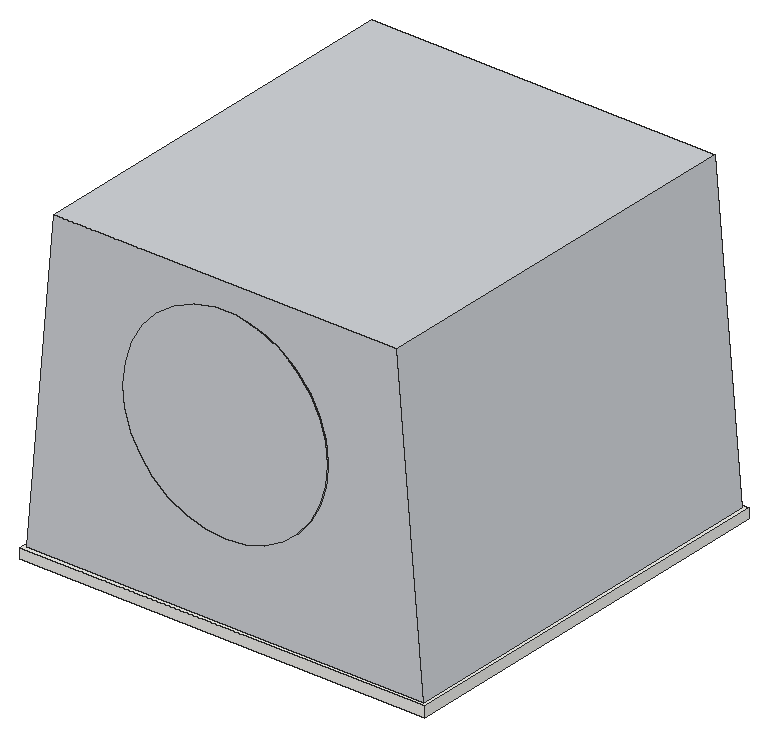
Revit family "MADEL_DIFFUSER_CONCAVE ELEMENTS_NEX-S+(BOXSTAR - BOXSTARS)– (1.D1)_0", category Air Terminals, Revit 2015
Parameters (values of type "NEX-S 400+BOXSTAR")
  n_factor [instance] = if(E = 395.0 mm, 34.332, if(E = 495.0 mm, 30.214, if(E = 595.0 mm, 31.971, if(E = 620.0 mm, 31.971, if(E = 670.0 mm, 31.971, 1)))))  # 34.332
  m_factor = 1.9099
  c_factor [instance] = if(E = 395.0 mm, -23.599, if(E = 495.0 mm, -8.6761, if(E = 595.0 mm, -8.3332, if(E = 620.0 mm, -8.3332, if(E = 670.0 mm, -8.3332, 1)))))  # -23.599
  b_factor = -3.4583
  V675 = if(E = 670.0 mm, 1 = 1, 1 = 0)  # no
  V600 = if(E = 595.0 mm, 1 = 1, 1 = 0)  # no
  V500 = if(E = 495.0 mm, 1 = 1, 1 = 0)  # no
  V400 = if(E = 395.0 mm, 1 = 1, 1 = 0)  # yes
  V625 = if(E = 620.0 mm, 1 = 1, 1 = 0)  # no
  T24 [instance] = no
  T15 [instance] = yes
  Standard = "UNE 23-727 M2/ NFP 92-501 M2/ DIN 4102 M2"  # constant formula
  Revit Version = "Revit 2015 - English"  # constant formula
  Review Date = "11/2016"  # constant formula
  Plenum Box = Plenum_BOXSTAR-BOXSTARS (1.D1) : 400
  Nº Plenum Connections = 1  # constant formula
  Lw (dB(A)) [instance] = n_factor * (log([V[m/s]]) / log(2.7183)) + c_factor  # 25.6703
  Diffuser grill = (R) NEX-S : 400
  R9010 [instance] = no
  R [instance] = yes
  Q [instance] = 303.912 m³/h
  Product Type [instance] = Model  # "NEX-S 400+BOXSTAR"
  Product Size = "dim.400"
  Product Reference [instance] = if(BOXSTAR, if(AIS, if(R, if(Nº Options = 4, if(T15, "NEX-S/T15+BOXSTAR-AIS-R", if(T24, "NEX-S/T24+BOXSTAR-AIS-R", "Consult Manufacturer")), if(Nº Options = 3, "NEX-S+BOXSTAR-AIS-R", "Consult Manufacturer")), if(Nº Options = 3, if(T15, "NEX-S/T15+BOXSTAR-AIS", if(T24, "NEX-S/T24+BOXSTAR-AIS", "Consult Manufacturer")), if(Nº Options = 2, "NEX-S+BOXSTAR-AIS", "Consult Manufacturer"))), if(R, if(Nº Options = 3, if(T15, "NEX-S/T15+BOXSTAR-R", if(T24, "NEX-S/T24+BOXSTAR-R", "Consult Manufacturer")), if(Nº Options = 2, "NEX-S+BOXSTAR-R", "Consult Manufacturer")), if(Nº Options = 2, if(T15, "NEX-S/T15+BOXSTAR", if(T24, "NEX-S/T24+BOXSTAR", "Consult Manufacturer")), if(Nº Options = 1, "NEX-S+BOXSTAR", "Consult Manufacturer")))), if([BOXSTAR/S], if(AIS, if(R, if(Nº Options = 4, if(T15, "NEX-S/T15+BOXSTAR/S-AIS-R", if(T24, "NEX-S/T24+BOXSTAR/S-AIS-R", "Consult Manufacturer")), if(Nº Options = 3, "NEX-S+BOXSTAR/S-AIS-R", "Consult Manufacturer")), if(Nº Options = 3, if(T15, "NEX-S/T15+BOXSTAR/S-AIS", if(T24, "NEX-S/T24+BOXSTAR/S-AIS", "Consult Manufacturer")), if(Nº Options = 2, "NEX-S+BOXSTAR/S-AIS", "Consult Manufacturer"))), if(R, if(Nº Options = 3, if(T15, "NEX-S/T15+BOXSTAR/S-R", if(T24, "NEX-S/T24+BOXSTAR/S-R", "Consult Manufacturer")), if(Nº Options = 2, "NEX-S+BOXSTAR/S-R", "Consult Manufacturer")), if(Nº Options = 2, if(T15, "NEX-S/T15+BOXSTAR/S", if(T24, "NEX-S/T24+BOXSTAR/S", "Consult Manufacturer")), if(Nº Options = 1, "NEX-S+BOXSTAR/S", "Consult Manufacturer")))), "Consult Manufacturer"))  # "NEX-S/T15+BOXSTAR-AIS-R"
  Plenum Connection Type [instance] = if(BOXSTAR, "Lateral", if([BOXSTAR/S], "Upper", "Without plenum box"))  # "Lateral"
  Nº Options [instance] = if(BOXSTAR, 1, 0) + if([BOXSTAR/S], 1, 0) + if(R, 1, 0) + if(AIS, 1, 0) + if(T15, 1, 0) + if(T24, 1, 0)  # 4
  Nº Finishes [instance] = if(EL, 1, 0) + if(EB, 1, 0) + if(EV, 1, 0) + if(ER, 1, 0) + if(M9016, 1, 0) + if(R9010, 1, 0)  # 1
  Vmin = 2.5 m/s  # constant formula
  Vmed = (Vmax + Vmin) / 2  # 4.2 m/s
  Vmax = if(E = 395.0 mm, 5.9 m/s, if(E = 495.0 mm, 5.6 m/s, if(E = 595.0 mm, 5.4 m/s, if(E = 620.0 mm, 5.4 m/s, if(E = 670.0 mm, 5.4 m/s, 1.0 m/s)))))  # 5.9 m/s
  V[m/s] [instance] = Q / Afree / 1.0 m/s  # 4.2
  URL = "http://www.madel.com/en/producto/nex-concave-elements-diffusers/"
  RAL [instance] = ""
  Model = "NEX-S 400+BOXSTAR"
  Material and finishes [instance] = if(Nº Finishes = 2, if(M9016, if(EB, "M9016/EB", if(EL, "M9016/EL", if(EV, "M9016/EV", if(ER, "M9016/ER", "Consult Manufacturer")))), if(R9010, if(EB, "R9010/EB", if(EL, "R9010/EL", if(EV, "R9010/EV", if(ER, "R9010/ER", "Consult Manufacturer")))), "Consult Manufacturer")), if(Nº Finishes = 1, if(M9016, "M9016", if(R9010, "R9010", "Consult Manufacturer")), if(Nº Finishes = 0, "Custom RAL", "Consult Manufacturer")))  # "M9016"
  Material Plenum Box = none
  Material Difusser = MADEL_M9016
  Material Blades = MADEL_EN
  M9016 [instance] = yes
  Type Image = <None>
  IfcExportType = "IfcAirTerminalType"  # constant formula
  IfcExportAs = "IfcAirTerminalType"  # constant formula
  Min Flow = Vmin * Afree  # 180.9 m³/h
  Max Flow = Vmax * Afree  # 426.924 m³/h
  Manufacturer = "MADEL"  # constant formula
  Family Version = "1.0"  # constant formula
  EV [instance] = no
  ER [instance] = no
  EL [instance] = no
  EB [instance] = no
  E = 395.0 mm
  Description = "MADEL_Concave elements diffusers"  # constant formula
  D_Connector = 200.0 mm
  DPt [instance] = (10 ^ (log(Q / 1 m³/h) * m_factor + b_factor)) * 1.0 Pa  # 19.2133 Pa
  D1 = D_Connector - 2.0 mm  # 198.0 mm
  D = E - 20.0 mm  # 375.0 mm
  Type Comments = "The NEX swirl diffusers are designed to be applied in air conditioning ventilation and heating systems. They can be mounted in false ceilings or suspended from ceiling. The design of their concave elements and its radial arrangement in the diffuser cause a swirl air supply with a coanda effect, which provides a high level of induction rate of the air in the atmosphere and reducing the stratification. Concave elements emit a uniform air flow all over the passage section. The NEX series diffusers admit a flow variation of 60% keeping the air stream stable. These diffusers can be used from 2,6 up to 4 meters high and at a temperature differential up to 12º C."  # constant formula
  Created by = "BIMETRICAL"  # constant formula
  BOXSTAR/S = if(BOXSTAR, 1 = 0, 1 = 1)  # no
  BOXSTAR = yes
  BIMETRICAL Category = "AirTerminal"  # constant formula
  BIMETRICAL = "http://www.bimetrical.com"  # constant formula
  Afree = if(E = 395.0 mm, 0.0201 m², if(E = 495.0 mm, 0.0290 m², if(E = 595.0 mm, 0.0440 m², if(E = 620.0 mm, 0.0440 m², if(E = 670.0 mm, 0.0440 m², 1.0000 m²)))))  # 0.0201 m²
  AIS [instance] = yes
  A = 376.0 mm
Reference planes
  plane 1 "Centro (Frontal/Posterior)": z = 0
  plane 2: y = 435
  plane 3 "Centro (Izquierda/Derecha)": x = 0
  plane 4: x = -197.5
  plane 5: x = 197.5
  plane 6: y = 237.5
  plane 7: y = 632.5
  plane 8: z = -10
  plane 9: z = 14
Forms (mm)
  Extrusion 1, solid, material "MADEL_M9016" <- "Material Difusser", detail levels coarse
    sketch origin (0, -1220, 0) x (1, 0, 0) y (0, 1, 0)
      loop
        line (-197.5, 1457.5) -> (197.5, 1457.5) -> (197.5, 1852.5) -> (-197.5, 1852.5) -> (-197.5, 1457.5)
    from -10 to 0
  Extrusion 2, solid, material "MADEL_M9016" <- "Material Difusser", detail levels coarse
    sketch origin (0, 0, 0) x (1, 0, 0) y (0, 1, 0)
      loop
        circle (0, 435) r 187.5
    from 0 to 14
Lines and regions (mm)
  symbolic lines, style "DuctTerminal", visible <- "V400"
    curve 1: line (-197.5, 632.5, 0) -> (197.5, 632.5, 0)
    curve 2: line (-197.5, 237.5, 0) -> (-197.5, 632.5, 0)
    curve 3: line (197.5, 237.5, 0) -> (-197.5, 237.5, 0)
    curve 4: line (197.5, 632.5, 0) -> (197.5, 237.5, 0)
    curve 489: arc (-160.828, 402.165, 0) -> (-136.906, 433.223, 0) -> (-102.684, 414.097, 0) r 30
    curve 490: arc (-74.962, 379.692, 0) -> (-66.339, 417.935, 0) -> (-27.247, 414.996, 0) r 30
    curve 491: arc (-164.855, 342.349, 0) -> (-151.637, 379.256, 0) -> (-113.194, 371.574, 0) r 30
    curve 492: arc (-8.732, 328.058, 0) -> (-32.471, 359.878, 0) -> (-3.851, 387.391, 0) r 30
    curve 493: arc (-87.953, 314.767, 0) -> (-91.229, 353.833, 0) -> (-53.062, 362.785, 0) r 30
    curve 494: arc (-148.41, 266.999, 0) -> (-149.159, 306.195, 0) -> (-110.494, 312.666, 0) r 30
    curve 495: arc (-43.135, 265.614, 0) -> (-60.562, 300.73, 0) -> (-28.371, 323.104, 0) r 30
    curve 496: arc (-32.835, 595.828, 0) -> (-1.777, 571.906, 0) -> (-20.903, 537.684, 0) r 30
    curve 497: arc (-55.308, 509.962, 0) -> (-17.065, 501.339, 0) -> (-20.004, 462.247, 0) r 30
    curve 498: arc (-92.651, 599.855, 0) -> (-55.744, 586.637, 0) -> (-63.426, 548.194, 0) r 30
    curve 499: arc (-105.453, 443.609, 0) -> (-73.775, 466.704, 0) -> (-46.297, 438.743, 0) r 30
    curve 500: arc (-120.233, 522.953, 0) -> (-81.167, 526.229, 0) -> (-72.215, 488.062, 0) r 30
    curve 501: arc (-168.001, 583.41, 0) -> (-128.805, 584.159, 0) -> (-122.334, 545.494, 0) r 30
    curve 502: arc (-169.386, 478.135, 0) -> (-134.27, 495.562, 0) -> (-111.896, 463.371, 0) r 30
    curve 503: arc (160.828, 467.835, 0) -> (136.906, 436.777, 0) -> (102.684, 455.903, 0) r 30
    curve 504: arc (74.962, 490.308, 0) -> (66.339, 452.065, 0) -> (27.247, 455.004, 0) r 30
    curve 505: arc (164.855, 527.651, 0) -> (151.637, 490.744, 0) -> (113.194, 498.426, 0) r 30
    curve 506: arc (8.609, 540.453, 0) -> (31.704, 508.775, 0) -> (3.743, 481.297, 0) r 30
    curve 507: arc (87.953, 555.233, 0) -> (91.229, 516.167, 0) -> (53.062, 507.215, 0) r 30
    curve 508: arc (148.41, 603.001, 0) -> (149.159, 563.805, 0) -> (110.494, 557.334, 0) r 30
    curve 509: arc (43.135, 604.386, 0) -> (60.562, 569.27, 0) -> (28.371, 546.896, 0) r 30
    curve 510: arc (32.835, 274.172, 0) -> (1.777, 298.094, 0) -> (20.903, 332.316, 0) r 30
    curve 511: arc (55.308, 360.038, 0) -> (17.065, 368.661, 0) -> (20.004, 407.753, 0) r 30
    curve 512: arc (92.651, 270.145, 0) -> (55.744, 283.363, 0) -> (63.426, 321.806, 0) r 30
    curve 513: arc (105.453, 426.391, 0) -> (73.775, 403.296, 0) -> (46.297, 431.257, 0) r 30
    curve 514: arc (120.233, 347.047, 0) -> (81.167, 343.771, 0) -> (72.215, 381.938, 0) r 30
    curve 515: arc (168.001, 286.59, 0) -> (128.805, 285.841, 0) -> (122.334, 324.506, 0) r 30
    curve 516: arc (169.386, 391.865, 0) -> (134.27, 374.438, 0) -> (111.896, 406.629, 0) r 30
    curve 517: line (-102.684, 414.097, 0) -> (-160.828, 402.165, 0)
    curve 518: line (-27.247, 414.996, 0) -> (-74.962, 379.692, 0)
    curve 519: line (-113.194, 371.574, 0) -> (-164.855, 342.349, 0)
    curve 520: line (-3.851, 387.391, 0) -> (-8.732, 328.058, 0)
    curve 521: line (-53.062, 362.785, 0) -> (-87.953, 314.767, 0)
    curve 522: line (-110.494, 312.666, 0) -> (-148.41, 266.999, 0)
    curve 523: line (-28.371, 323.104, 0) -> (-43.135, 265.614, 0)
    curve 524: line (-20.903, 537.684, 0) -> (-32.835, 595.828, 0)
    curve 525: line (-20.004, 462.247, 0) -> (-55.308, 509.962, 0)
    curve 526: line (-63.426, 548.194, 0) -> (-92.651, 599.855, 0)
    curve 527: line (-46.297, 438.743, 0) -> (-105.453, 443.609, 0)
    curve 528: line (-72.215, 488.062, 0) -> (-120.233, 522.953, 0)
    curve 529: line (-122.334, 545.494, 0) -> (-168.001, 583.41, 0)
    curve 530: line (-111.896, 463.371, 0) -> (-169.386, 478.135, 0)
    curve 531: line (102.684, 455.903, 0) -> (160.828, 467.835, 0)
    curve 532: line (27.247, 455.004, 0) -> (74.962, 490.308, 0)
    curve 533: line (113.194, 498.426, 0) -> (164.855, 527.651, 0)
    curve 534: line (3.743, 481.297, 0) -> (8.609, 540.453, 0)
    curve 535: line (53.062, 507.215, 0) -> (87.953, 555.233, 0)
    curve 536: line (110.494, 557.334, 0) -> (148.41, 603.001, 0)
    curve 537: line (28.371, 546.896, 0) -> (43.135, 604.386, 0)
    curve 538: line (20.903, 332.316, 0) -> (32.835, 274.172, 0)
    curve 539: line (20.004, 407.753, 0) -> (55.308, 360.038, 0)
    curve 540: line (63.426, 321.806, 0) -> (92.651, 270.145, 0)
    curve 541: line (46.297, 431.257, 0) -> (105.453, 426.391, 0)
    curve 542: line (72.215, 381.938, 0) -> (120.233, 347.047, 0)
    curve 543: line (122.334, 324.506, 0) -> (168.001, 286.59, 0)
    curve 544: line (111.896, 406.629, 0) -> (169.386, 391.865, 0)
  symbolic lines, style "DuctTerminal", visible <- "V400", not visible
    curve 5: line (-197.5, 632.5, 0) -> (197.5, 632.5, 0)
    curve 6: line (-197.5, 237.5, 0) -> (-197.5, 632.5, 0)
    curve 7: line (197.5, 237.5, 0) -> (-197.5, 237.5, 0)
    curve 8: line (197.5, 632.5, 0) -> (197.5, 237.5, 0)
    curve 545: arc (-160.828, 402.165, 0) -> (-136.906, 433.223, 0) -> (-102.684, 414.097, 0) r 30
    curve 546: arc (-74.962, 379.692, 0) -> (-66.339, 417.935, 0) -> (-27.247, 414.996, 0) r 30
    curve 547: arc (-164.855, 342.349, 0) -> (-151.637, 379.256, 0) -> (-113.194, 371.574, 0) r 30
    curve 548: arc (-8.732, 328.058, 0) -> (-32.471, 359.878, 0) -> (-3.851, 387.391, 0) r 30
    curve 549: arc (-87.953, 314.767, 0) -> (-91.229, 353.833, 0) -> (-53.062, 362.785, 0) r 30
    curve 550: arc (-148.41, 266.999, 0) -> (-149.159, 306.195, 0) -> (-110.494, 312.666, 0) r 30
    curve 551: arc (-43.135, 265.614, 0) -> (-60.562, 300.73, 0) -> (-28.371, 323.104, 0) r 30
    curve 552: arc (-32.835, 595.828, 0) -> (-1.777, 571.906, 0) -> (-20.903, 537.684, 0) r 30
    curve 553: arc (-55.308, 509.962, 0) -> (-17.065, 501.339, 0) -> (-20.004, 462.247, 0) r 30
    curve 554: arc (-92.651, 599.855, 0) -> (-55.744, 586.637, 0) -> (-63.426, 548.194, 0) r 30
    curve 555: arc (-105.453, 443.609, 0) -> (-73.775, 466.704, 0) -> (-46.297, 438.743, 0) r 30
    curve 556: arc (-120.233, 522.953, 0) -> (-81.167, 526.229, 0) -> (-72.215, 488.062, 0) r 30
    curve 557: arc (-168.001, 583.41, 0) -> (-128.805, 584.159, 0) -> (-122.334, 545.494, 0) r 30
    curve 558: arc (-169.386, 478.135, 0) -> (-134.27, 495.562, 0) -> (-111.896, 463.371, 0) r 30
    curve 559: arc (160.828, 467.835, 0) -> (136.906, 436.777, 0) -> (102.684, 455.903, 0) r 30
    curve 560: arc (74.962, 490.308, 0) -> (66.339, 452.065, 0) -> (27.247, 455.004, 0) r 30
    curve 561: arc (164.855, 527.651, 0) -> (151.637, 490.744, 0) -> (113.194, 498.426, 0) r 30
    curve 562: arc (8.609, 540.453, 0) -> (31.704, 508.775, 0) -> (3.743, 481.297, 0) r 30
    curve 563: arc (87.953, 555.233, 0) -> (91.229, 516.167, 0) -> (53.062, 507.215, 0) r 30
    curve 564: arc (148.41, 603.001, 0) -> (149.159, 563.805, 0) -> (110.494, 557.334, 0) r 30
    curve 565: arc (43.135, 604.386, 0) -> (60.562, 569.27, 0) -> (28.371, 546.896, 0) r 30
    curve 566: arc (32.835, 274.172, 0) -> (1.777, 298.094, 0) -> (20.903, 332.316, 0) r 30
    curve 567: arc (55.308, 360.038, 0) -> (17.065, 368.661, 0) -> (20.004, 407.753, 0) r 30
    curve 568: arc (92.651, 270.145, 0) -> (55.744, 283.363, 0) -> (63.426, 321.806, 0) r 30
    curve 569: arc (105.453, 426.391, 0) -> (73.775, 403.296, 0) -> (46.297, 431.257, 0) r 30
    curve 570: arc (120.233, 347.047, 0) -> (81.167, 343.771, 0) -> (72.215, 381.938, 0) r 30
    curve 571: arc (168.001, 286.59, 0) -> (128.805, 285.841, 0) -> (122.334, 324.506, 0) r 30
    curve 572: arc (169.386, 391.865, 0) -> (134.27, 374.438, 0) -> (111.896, 406.629, 0) r 30
    curve 573: line (-102.684, 414.097, 0) -> (-160.828, 402.165, 0)
    curve 574: line (-27.247, 414.996, 0) -> (-74.962, 379.692, 0)
    curve 575: line (-113.194, 371.574, 0) -> (-164.855, 342.349, 0)
    curve 576: line (-3.851, 387.391, 0) -> (-8.732, 328.058, 0)
    curve 577: line (-53.062, 362.785, 0) -> (-87.953, 314.767, 0)
    curve 578: line (-110.494, 312.666, 0) -> (-148.41, 266.999, 0)
    curve 579: line (-28.371, 323.104, 0) -> (-43.135, 265.614, 0)
    curve 580: line (-20.903, 537.684, 0) -> (-32.835, 595.828, 0)
    curve 581: line (-20.004, 462.247, 0) -> (-55.308, 509.962, 0)
    curve 582: line (-63.426, 548.194, 0) -> (-92.651, 599.855, 0)
    curve 583: line (-46.297, 438.743, 0) -> (-105.453, 443.609, 0)
    curve 584: line (-72.215, 488.062, 0) -> (-120.233, 522.953, 0)
    curve 585: line (-122.334, 545.494, 0) -> (-168.001, 583.41, 0)
    curve 586: line (-111.896, 463.371, 0) -> (-169.386, 478.135, 0)
    curve 587: line (102.684, 455.903, 0) -> (160.828, 467.835, 0)
    curve 588: line (27.247, 455.004, 0) -> (74.962, 490.308, 0)
    curve 589: line (113.194, 498.426, 0) -> (164.855, 527.651, 0)
    curve 590: line (3.743, 481.297, 0) -> (8.609, 540.453, 0)
    curve 591: line (53.062, 507.215, 0) -> (87.953, 555.233, 0)
    curve 592: line (110.494, 557.334, 0) -> (148.41, 603.001, 0)
    curve 593: line (28.371, 546.896, 0) -> (43.135, 604.386, 0)
    curve 594: line (20.903, 332.316, 0) -> (32.835, 274.172, 0)
    curve 595: line (20.004, 407.753, 0) -> (55.308, 360.038, 0)
    curve 596: line (63.426, 321.806, 0) -> (92.651, 270.145, 0)
    curve 597: line (46.297, 431.257, 0) -> (105.453, 426.391, 0)
    curve 598: line (72.215, 381.938, 0) -> (120.233, 347.047, 0)
    curve 599: line (122.334, 324.506, 0) -> (168.001, 286.59, 0)
    curve 600: line (111.896, 406.629, 0) -> (169.386, 391.865, 0)
  symbolic lines, style "DuctTerminal", visible <- "V500"
    curve 9: line (-247.5, 682.5, 0) -> (247.5, 682.5, 0)
    curve 10: line (-247.5, 187.5, 0) -> (-247.5, 682.5, 0)
    curve 11: line (247.5, 187.5, 0) -> (-247.5, 187.5, 0)
    curve 12: line (247.5, 682.5, 0) -> (247.5, 187.5, 0)
    curve 377: arc (-45.42, 350.498, 0) -> (-53.567, 388.844, 0) -> (-16.823, 402.51, 0) r 30
    curve 378: arc (-222.553, 399.806, 0) -> (-197.667, 430.097, 0) -> (-164.063, 409.906, 0) r 30
    curve 379: arc (-191.584, 277.242, 0) -> (-185.177, 315.917, 0) -> (-145.98, 315.233, 0) r 30
    curve 380: arc (-179.211, 213.386, 0) -> (-180.506, 252.568, 0) -> (-141.935, 259.577, 0) r 30
    curve 381: arc (-21.986, 238.536, 0) -> (-44.243, 270.807, 0) -> (-15.572, 297.543, 0) r 30
    curve 382: arc (-168.191, 336.485, 0) -> (-140.165, 417.167, 0) -> (-56.064, 402.27, 0) r 65.83
    curve 383: arc (-79.556, 214.746, 0) -> (-109.67, 294.671, 0) -> (-35.521, 337.06, 0) r 65.83
    curve 384: arc (-84.502, 480.42, 0) -> (-46.156, 488.567, 0) -> (-32.49, 451.823, 0) r 30
    curve 385: arc (-35.194, 657.553, 0) -> (-4.903, 632.667, 0) -> (-25.094, 599.063, 0) r 30
    curve 386: arc (-157.758, 626.584, 0) -> (-119.083, 620.177, 0) -> (-119.767, 580.98, 0) r 30
    curve 387: arc (-221.614, 614.211, 0) -> (-182.432, 615.506, 0) -> (-175.423, 576.935, 0) r 30
    curve 388: arc (-196.464, 456.986, 0) -> (-164.193, 479.243, 0) -> (-137.457, 450.572, 0) r 30
    curve 389: arc (-98.515, 603.191, 0) -> (-17.833, 575.165, 0) -> (-32.73, 491.064, 0) r 65.83
    curve 390: arc (-220.254, 514.556, 0) -> (-140.329, 544.67, 0) -> (-97.94, 470.521, 0) r 65.83
    curve 391: arc (45.42, 519.502, 0) -> (53.567, 481.156, 0) -> (16.823, 467.49, 0) r 30
    curve 392: arc (222.553, 470.194, 0) -> (197.667, 439.903, 0) -> (164.063, 460.094, 0) r 30
    curve 393: arc (191.584, 592.758, 0) -> (185.177, 554.083, 0) -> (145.98, 554.767, 0) r 30
    curve 394: arc (179.211, 656.614, 0) -> (180.506, 617.432, 0) -> (141.935, 610.423, 0) r 30
    curve 395: arc (21.986, 631.464, 0) -> (44.243, 599.193, 0) -> (15.572, 572.457, 0) r 30
    curve 396: arc (168.191, 533.515, 0) -> (140.165, 452.833, 0) -> (56.064, 467.73, 0) r 65.83
    curve 397: arc (79.556, 655.254, 0) -> (109.67, 575.329, 0) -> (35.521, 532.94, 0) r 65.83
    curve 398: arc (84.502, 389.58, 0) -> (46.156, 381.433, 0) -> (32.49, 418.177, 0) r 30
    curve 399: arc (35.194, 212.447, 0) -> (4.903, 237.333, 0) -> (25.094, 270.937, 0) r 30
    curve 400: arc (157.758, 243.416, 0) -> (119.083, 249.823, 0) -> (119.767, 289.02, 0) r 30
    curve 401: arc (221.614, 255.789, 0) -> (182.432, 254.494, 0) -> (175.423, 293.065, 0) r 30
    curve 402: arc (196.464, 413.014, 0) -> (164.193, 390.757, 0) -> (137.457, 419.428, 0) r 30
    curve 403: arc (98.515, 266.809, 0) -> (17.833, 294.835, 0) -> (32.73, 378.936, 0) r 65.83
    curve 404: line (-16.823, 402.51, 0) -> (-45.42, 350.498, 0)
    curve 405: line (-164.063, 409.906, 0) -> (-222.553, 399.806, 0)
    curve 406: line (-145.98, 315.233, 0) -> (-191.584, 277.242, 0)
    curve 407: line (-141.935, 259.577, 0) -> (-179.211, 213.386, 0)
    curve 408: line (-15.572, 297.543, 0) -> (-21.986, 238.536, 0)
    curve 409: line (-56.064, 402.27, 0) -> (-168.191, 336.485, 0)
    curve 410: line (-35.521, 337.06, 0) -> (-79.556, 214.746, 0)
    curve 411: line (-32.49, 451.823, 0) -> (-84.502, 480.42, 0)
    curve 412: line (-25.094, 599.063, 0) -> (-35.194, 657.553, 0)
    curve 413: line (-119.767, 580.98, 0) -> (-157.758, 626.584, 0)
    curve 414: line (-175.423, 576.935, 0) -> (-221.614, 614.211, 0)
    curve 415: line (-137.457, 450.572, 0) -> (-196.464, 456.986, 0)
    curve 416: line (-32.73, 491.064, 0) -> (-98.515, 603.191, 0)
    curve 417: line (-97.94, 470.521, 0) -> (-220.254, 514.556, 0)
    curve 418: line (16.823, 467.49, 0) -> (45.42, 519.502, 0)
    curve 419: line (164.063, 460.094, 0) -> (222.553, 470.194, 0)
    curve 420: line (145.98, 554.767, 0) -> (191.584, 592.758, 0)
    curve 421: line (141.935, 610.423, 0) -> (179.211, 656.614, 0)
    curve 422: line (15.572, 572.457, 0) -> (21.986, 631.464, 0)
    curve 423: line (56.064, 467.73, 0) -> (168.191, 533.515, 0)
    curve 424: line (35.521, 532.94, 0) -> (79.556, 655.254, 0)
    curve 425: line (32.49, 418.177, 0) -> (84.502, 389.58, 0)
    curve 426: line (25.094, 270.937, 0) -> (35.194, 212.447, 0)
    curve 427: line (119.767, 289.02, 0) -> (157.758, 243.416, 0)
    curve 428: line (175.423, 293.065, 0) -> (221.614, 255.789, 0)
    curve 429: line (137.457, 419.428, 0) -> (196.464, 413.014, 0)
    curve 430: line (32.73, 378.936, 0) -> (98.515, 266.809, 0)
    curve 431: line (97.94, 399.479, 0) -> (220.254, 355.444, 0)
    curve 432: arc (220.254, 355.444, 0) -> (140.329, 325.33, 0) -> (97.94, 399.479, 0) r 65.83
  symbolic lines, style "DuctTerminal", visible <- "V500", not visible
    curve 13: line (-247.5, 682.5, 0) -> (247.5, 682.5, 0)
    curve 14: line (-247.5, 187.5, 0) -> (-247.5, 682.5, 0)
    curve 15: line (247.5, 187.5, 0) -> (-247.5, 187.5, 0)
    curve 16: line (247.5, 682.5, 0) -> (247.5, 187.5, 0)
    curve 433: arc (-45.42, 350.498, 0) -> (-53.567, 388.844, 0) -> (-16.823, 402.51, 0) r 30
    curve 434: arc (-222.553, 399.806, 0) -> (-197.667, 430.097, 0) -> (-164.063, 409.906, 0) r 30
    curve 435: arc (-191.584, 277.242, 0) -> (-185.177, 315.917, 0) -> (-145.98, 315.233, 0) r 30
    curve 436: arc (-179.211, 213.386, 0) -> (-180.506, 252.568, 0) -> (-141.935, 259.577, 0) r 30
    curve 437: arc (-21.986, 238.536, 0) -> (-44.243, 270.807, 0) -> (-15.572, 297.543, 0) r 30
    curve 438: arc (-168.191, 336.485, 0) -> (-140.165, 417.167, 0) -> (-56.064, 402.27, 0) r 65.83
    curve 439: arc (-79.556, 214.746, 0) -> (-109.67, 294.671, 0) -> (-35.521, 337.06, 0) r 65.83
    curve 440: arc (-84.502, 480.42, 0) -> (-46.156, 488.567, 0) -> (-32.49, 451.823, 0) r 30
    curve 441: arc (-35.194, 657.553, 0) -> (-4.903, 632.667, 0) -> (-25.094, 599.063, 0) r 30
    curve 442: arc (-157.758, 626.584, 0) -> (-119.083, 620.177, 0) -> (-119.767, 580.98, 0) r 30
    curve 443: arc (-221.614, 614.211, 0) -> (-182.432, 615.506, 0) -> (-175.423, 576.935, 0) r 30
    curve 444: arc (-196.464, 456.986, 0) -> (-164.193, 479.243, 0) -> (-137.457, 450.572, 0) r 30
    curve 445: arc (-98.515, 603.191, 0) -> (-17.833, 575.165, 0) -> (-32.73, 491.064, 0) r 65.83
    curve 446: arc (-220.254, 514.556, 0) -> (-140.329, 544.67, 0) -> (-97.94, 470.521, 0) r 65.83
    curve 447: arc (45.42, 519.502, 0) -> (53.567, 481.156, 0) -> (16.823, 467.49, 0) r 30
    curve 448: arc (222.553, 470.194, 0) -> (197.667, 439.903, 0) -> (164.063, 460.094, 0) r 30
    curve 449: arc (191.584, 592.758, 0) -> (185.177, 554.083, 0) -> (145.98, 554.767, 0) r 30
    curve 450: arc (179.211, 656.614, 0) -> (180.506, 617.432, 0) -> (141.935, 610.423, 0) r 30
    curve 451: arc (21.986, 631.464, 0) -> (44.243, 599.193, 0) -> (15.572, 572.457, 0) r 30
    curve 452: arc (168.191, 533.515, 0) -> (140.165, 452.833, 0) -> (56.064, 467.73, 0) r 65.83
    curve 453: arc (79.556, 655.254, 0) -> (109.67, 575.329, 0) -> (35.521, 532.94, 0) r 65.83
    curve 454: arc (84.502, 389.58, 0) -> (46.156, 381.433, 0) -> (32.49, 418.177, 0) r 30
    curve 455: arc (35.194, 212.447, 0) -> (4.903, 237.333, 0) -> (25.094, 270.937, 0) r 30
    curve 456: arc (157.758, 243.416, 0) -> (119.083, 249.823, 0) -> (119.767, 289.02, 0) r 30
    curve 457: arc (221.614, 255.789, 0) -> (182.432, 254.494, 0) -> (175.423, 293.065, 0) r 30
    curve 458: arc (196.464, 413.014, 0) -> (164.193, 390.757, 0) -> (137.457, 419.428, 0) r 30
    curve 459: arc (98.515, 266.809, 0) -> (17.833, 294.835, 0) -> (32.73, 378.936, 0) r 65.83
    curve 460: line (-16.823, 402.51, 0) -> (-45.42, 350.498, 0)
    curve 461: line (-164.063, 409.906, 0) -> (-222.553, 399.806, 0)
    curve 462: line (-145.98, 315.233, 0) -> (-191.584, 277.242, 0)
    curve 463: line (-141.935, 259.577, 0) -> (-179.211, 213.386, 0)
    curve 464: line (-15.572, 297.543, 0) -> (-21.986, 238.536, 0)
    curve 465: line (-56.064, 402.27, 0) -> (-168.191, 336.485, 0)
    curve 466: line (-35.521, 337.06, 0) -> (-79.556, 214.746, 0)
    curve 467: line (-32.49, 451.823, 0) -> (-84.502, 480.42, 0)
    curve 468: line (-25.094, 599.063, 0) -> (-35.194, 657.553, 0)
    curve 469: line (-119.767, 580.98, 0) -> (-157.758, 626.584, 0)
    curve 470: line (-175.423, 576.935, 0) -> (-221.614, 614.211, 0)
    curve 471: line (-137.457, 450.572, 0) -> (-196.464, 456.986, 0)
    curve 472: line (-32.73, 491.064, 0) -> (-98.515, 603.191, 0)
    curve 473: line (-97.94, 470.521, 0) -> (-220.254, 514.556, 0)
    curve 474: line (16.823, 467.49, 0) -> (45.42, 519.502, 0)
    curve 475: line (164.063, 460.094, 0) -> (222.553, 470.194, 0)
    curve 476: line (145.98, 554.767, 0) -> (191.584, 592.758, 0)
    curve 477: line (141.935, 610.423, 0) -> (179.211, 656.614, 0)
    curve 478: line (15.572, 572.457, 0) -> (21.986, 631.464, 0)
    curve 479: line (56.064, 467.73, 0) -> (168.191, 533.515, 0)
    curve 480: line (35.521, 532.94, 0) -> (79.556, 655.254, 0)
    curve 481: line (32.49, 418.177, 0) -> (84.502, 389.58, 0)
    curve 482: line (25.094, 270.937, 0) -> (35.194, 212.447, 0)
    curve 483: line (119.767, 289.02, 0) -> (157.758, 243.416, 0)
    curve 484: line (175.423, 293.065, 0) -> (221.614, 255.789, 0)
    curve 485: line (137.457, 419.428, 0) -> (196.464, 413.014, 0)
    curve 486: line (32.73, 378.936, 0) -> (98.515, 266.809, 0)
    curve 487: line (97.94, 399.479, 0) -> (220.254, 355.444, 0)
    curve 488: arc (220.254, 355.444, 0) -> (140.329, 325.33, 0) -> (97.94, 399.479, 0) r 65.83
  symbolic lines, style "DuctTerminal", visible <- "V600"
    curve 17: line (-297.5, 732.5, 0) -> (297.5, 732.5, 0)
    curve 18: line (-297.5, 137.5, 0) -> (-297.5, 732.5, 0)
    curve 19: line (297.5, 137.5, 0) -> (-297.5, 137.5, 0)
    curve 20: line (297.5, 732.5, 0) -> (297.5, 137.5, 0)
    curve 21: arc (-144.898, 404.516, 0) -> (-121.193, 435.74, 0) -> (-86.84, 416.854, 0) r 30
    curve 22: arc (-215.839, 288.986, 0) -> (-205.556, 326.816, 0) -> (-166.629, 322.175, 0) r 30
    curve 23: arc (-116.502, 185, 0) -> (-127.172, 222.723, 0) -> (-91.415, 238.793, 0) r 30
    curve 24: arc (-247.5, 320.404, 0) -> (-212.006, 398.09, 0) -> (-129.68, 375.344, 0) r 65.83
    curve 25: arc (-109.542, 278.615, 0) -> (-117.647, 363.64, 0) -> (-34.977, 385.105, 0) r 65.83
    curve 26: arc (-32.582, 185, 0) -> (-79.655, 256.268, 0) -> (-16.739, 314.031, 0) r 65.83
    curve 27: arc (-216.763, 185, 0) -> (-215.936, 270.406, 0) -> (-131.476, 283.112, 0) r 65.83
    curve 28: arc (-30.484, 579.898, 0) -> (0.74, 556.193, 0) -> (-18.146, 521.84, 0) r 30
    curve 29: arc (-146.014, 650.839, 0) -> (-108.184, 640.556, 0) -> (-112.825, 601.629, 0) r 30
    curve 30: arc (-250, 551.502, 0) -> (-212.277, 562.172, 0) -> (-196.207, 526.415, 0) r 30
    curve 31: arc (-114.596, 682.5, 0) -> (-36.91, 647.006, 0) -> (-59.656, 564.68, 0) r 65.83
    curve 32: arc (-156.385, 544.542, 0) -> (-71.36, 552.647, 0) -> (-49.895, 469.977, 0) r 65.83
    curve 33: arc (-250, 467.582, 0) -> (-178.732, 514.655, 0) -> (-120.969, 451.739, 0) r 65.83
    curve 34: arc (-250, 651.763, 0) -> (-164.594, 650.936, 0) -> (-151.888, 566.476, 0) r 65.83
    curve 35: arc (144.898, 465.484, 0) -> (121.193, 434.26, 0) -> (86.84, 453.146, 0) r 30
    curve 36: arc (215.839, 581.014, 0) -> (205.556, 543.184, 0) -> (166.629, 547.825, 0) r 30
    curve 37: arc (116.502, 685, 0) -> (127.172, 647.277, 0) -> (91.415, 631.207, 0) r 30
    curve 38: arc (247.5, 549.596, 0) -> (212.006, 471.91, 0) -> (129.68, 494.656, 0) r 65.83
    curve 39: arc (109.542, 591.385, 0) -> (117.647, 506.36, 0) -> (34.977, 484.895, 0) r 65.83
    curve 40: arc (32.582, 685, 0) -> (79.655, 613.732, 0) -> (16.739, 555.969, 0) r 65.83
    curve 41: arc (216.763, 685, 0) -> (215.936, 599.594, 0) -> (131.476, 586.888, 0) r 65.83
    curve 42: arc (30.484, 290.102, 0) -> (-0.74, 313.807, 0) -> (18.146, 348.16, 0) r 30
    curve 43: arc (146.014, 219.161, 0) -> (108.184, 229.444, 0) -> (112.825, 268.371, 0) r 30
    curve 44: arc (250, 318.498, 0) -> (212.277, 307.828, 0) -> (196.207, 343.585, 0) r 30
    curve 45: arc (114.596, 187.5, 0) -> (36.91, 222.994, 0) -> (59.656, 305.32, 0) r 65.83
    curve 46: arc (156.385, 325.458, 0) -> (71.36, 317.353, 0) -> (49.895, 400.023, 0) r 65.83
    curve 47: arc (250, 402.418, 0) -> (178.732, 355.345, 0) -> (120.969, 418.261, 0) r 65.83
    curve 48: arc (250, 218.237, 0) -> (164.594, 219.064, 0) -> (151.888, 303.524, 0) r 65.83
    curve 49: line (-86.84, 416.854, 0) -> (-144.898, 404.516, 0)
    curve 50: line (-166.629, 322.175, 0) -> (-215.839, 288.986, 0)
    curve 51: line (-91.415, 238.793, 0) -> (-116.502, 185, 0)
    curve 52: line (-129.68, 375.344, 0) -> (-247.5, 320.404, 0)
    curve 53: line (-34.977, 385.105, 0) -> (-109.542, 278.615, 0)
    curve 54: line (-16.739, 314.031, 0) -> (-32.582, 185, 0)
    curve 55: line (-131.476, 283.112, 0) -> (-216.763, 185, 0)
    curve 56: line (-18.146, 521.84, 0) -> (-30.484, 579.898, 0)
    curve 57: line (-112.825, 601.629, 0) -> (-146.014, 650.839, 0)
    curve 58: line (-196.207, 526.415, 0) -> (-250, 551.502, 0)
    curve 59: line (-59.656, 564.68, 0) -> (-114.596, 682.5, 0)
    curve 60: line (-49.895, 469.977, 0) -> (-156.385, 544.542, 0)
    curve 61: line (-120.969, 451.739, 0) -> (-250, 467.582, 0)
    curve 62: line (-151.888, 566.476, 0) -> (-250, 651.763, 0)
    curve 63: line (86.84, 453.146, 0) -> (144.898, 465.484, 0)
    curve 64: line (166.629, 547.825, 0) -> (215.839, 581.014, 0)
    curve 65: line (91.415, 631.207, 0) -> (116.502, 685, 0)
    curve 66: line (129.68, 494.656, 0) -> (247.5, 549.596, 0)
    curve 67: line (34.977, 484.895, 0) -> (109.542, 591.385, 0)
    curve 68: line (16.739, 555.969, 0) -> (32.582, 685, 0)
    curve 69: line (131.476, 586.888, 0) -> (216.763, 685, 0)
    curve 70: line (18.146, 348.16, 0) -> (30.484, 290.102, 0)
    curve 71: line (112.825, 268.371, 0) -> (146.014, 219.161, 0)
    curve 72: line (196.207, 343.585, 0) -> (250, 318.498, 0)
    curve 73: line (59.656, 305.32, 0) -> (114.596, 187.5, 0)
    curve 74: line (49.895, 400.023, 0) -> (156.385, 325.458, 0)
    curve 75: line (120.969, 418.261, 0) -> (250, 402.418, 0)
    curve 76: line (151.888, 303.524, 0) -> (250, 218.237, 0)
  symbolic lines, style "DuctTerminal", visible <- "V600", not visible
    curve 77: line (-297.5, 732.5, 0) -> (297.5, 732.5, 0)
    curve 78: line (-297.5, 137.5, 0) -> (-297.5, 732.5, 0)
    curve 79: line (297.5, 137.5, 0) -> (-297.5, 137.5, 0)
    curve 80: line (297.5, 732.5, 0) -> (297.5, 137.5, 0)
    curve 81: arc (-144.898, 404.516, 0) -> (-121.193, 435.74, 0) -> (-86.84, 416.854, 0) r 30
    curve 82: arc (-215.839, 288.986, 0) -> (-205.556, 326.816, 0) -> (-166.629, 322.175, 0) r 30
    curve 83: arc (-116.502, 185, 0) -> (-127.172, 222.723, 0) -> (-91.415, 238.793, 0) r 30
    curve 84: arc (-247.5, 320.404, 0) -> (-212.006, 398.09, 0) -> (-129.68, 375.344, 0) r 65.83
    curve 85: arc (-109.542, 278.615, 0) -> (-117.647, 363.64, 0) -> (-34.977, 385.105, 0) r 65.83
    curve 86: arc (-32.582, 185, 0) -> (-79.655, 256.268, 0) -> (-16.739, 314.031, 0) r 65.83
    curve 87: arc (-216.763, 185, 0) -> (-215.936, 270.406, 0) -> (-131.476, 283.112, 0) r 65.83
    curve 88: arc (-30.484, 579.898, 0) -> (0.74, 556.193, 0) -> (-18.146, 521.84, 0) r 30
    curve 89: arc (-146.014, 650.839, 0) -> (-108.184, 640.556, 0) -> (-112.825, 601.629, 0) r 30
    curve 90: arc (-250, 551.502, 0) -> (-212.277, 562.172, 0) -> (-196.207, 526.415, 0) r 30
    curve 91: arc (-114.596, 682.5, 0) -> (-36.91, 647.006, 0) -> (-59.656, 564.68, 0) r 65.83
    curve 92: arc (-156.385, 544.542, 0) -> (-71.36, 552.647, 0) -> (-49.895, 469.977, 0) r 65.83
    curve 93: arc (-250, 467.582, 0) -> (-178.732, 514.655, 0) -> (-120.969, 451.739, 0) r 65.83
    curve 94: arc (-250, 651.763, 0) -> (-164.594, 650.936, 0) -> (-151.888, 566.476, 0) r 65.83
    curve 95: arc (144.898, 465.484, 0) -> (121.193, 434.26, 0) -> (86.84, 453.146, 0) r 30
    curve 96: arc (215.839, 581.014, 0) -> (205.556, 543.184, 0) -> (166.629, 547.825, 0) r 30
    curve 97: arc (116.502, 685, 0) -> (127.172, 647.277, 0) -> (91.415, 631.207, 0) r 30
    curve 98: arc (247.5, 549.596, 0) -> (212.006, 471.91, 0) -> (129.68, 494.656, 0) r 65.83
    curve 99: arc (109.542, 591.385, 0) -> (117.647, 506.36, 0) -> (34.977, 484.895, 0) r 65.83
    curve 100: arc (32.582, 685, 0) -> (79.655, 613.732, 0) -> (16.739, 555.969, 0) r 65.83
    curve 101: arc (216.763, 685, 0) -> (215.936, 599.594, 0) -> (131.476, 586.888, 0) r 65.83
    curve 102: arc (30.484, 290.102, 0) -> (-0.74, 313.807, 0) -> (18.146, 348.16, 0) r 30
    curve 103: arc (146.014, 219.161, 0) -> (108.184, 229.444, 0) -> (112.825, 268.371, 0) r 30
    curve 104: arc (250, 318.498, 0) -> (212.277, 307.828, 0) -> (196.207, 343.585, 0) r 30
    curve 105: arc (114.596, 187.5, 0) -> (36.91, 222.994, 0) -> (59.656, 305.32, 0) r 65.83
    curve 106: arc (156.385, 325.458, 0) -> (71.36, 317.353, 0) -> (49.895, 400.023, 0) r 65.83
    curve 107: arc (250, 402.418, 0) -> (178.732, 355.345, 0) -> (120.969, 418.261, 0) r 65.83
    curve 108: arc (250, 218.237, 0) -> (164.594, 219.064, 0) -> (151.888, 303.524, 0) r 65.83
    curve 109: line (-86.84, 416.854, 0) -> (-144.898, 404.516, 0)
    curve 110: line (-166.629, 322.175, 0) -> (-215.839, 288.986, 0)
    curve 111: line (-91.415, 238.793, 0) -> (-116.502, 185, 0)
    curve 112: line (-129.68, 375.344, 0) -> (-247.5, 320.404, 0)
    curve 113: line (-34.977, 385.105, 0) -> (-109.542, 278.615, 0)
    curve 114: line (-16.739, 314.031, 0) -> (-32.582, 185, 0)
    curve 115: line (-131.476, 283.112, 0) -> (-216.763, 185, 0)
    curve 116: line (-18.146, 521.84, 0) -> (-30.484, 579.898, 0)
    curve 117: line (-112.825, 601.629, 0) -> (-146.014, 650.839, 0)
    curve 118: line (-196.207, 526.415, 0) -> (-250, 551.502, 0)
    curve 119: line (-59.656, 564.68, 0) -> (-114.596, 682.5, 0)
    curve 120: line (-49.895, 469.977, 0) -> (-156.385, 544.542, 0)
    curve 121: line (-120.969, 451.739, 0) -> (-250, 467.582, 0)
    curve 122: line (-151.888, 566.476, 0) -> (-250, 651.763, 0)
    curve 123: line (86.84, 453.146, 0) -> (144.898, 465.484, 0)
    curve 124: line (166.629, 547.825, 0) -> (215.839, 581.014, 0)
    curve 125: line (91.415, 631.207, 0) -> (116.502, 685, 0)
    curve 126: line (129.68, 494.656, 0) -> (247.5, 549.596, 0)
    curve 127: line (34.977, 484.895, 0) -> (109.542, 591.385, 0)
    curve 128: line (16.739, 555.969, 0) -> (32.582, 685, 0)
    curve 129: line (131.476, 586.888, 0) -> (216.763, 685, 0)
    curve 130: line (18.146, 348.16, 0) -> (30.484, 290.102, 0)
    curve 131: line (112.825, 268.371, 0) -> (146.014, 219.161, 0)
    curve 132: line (196.207, 343.585, 0) -> (250, 318.498, 0)
    curve 133: line (59.656, 305.32, 0) -> (114.596, 187.5, 0)
    curve 134: line (49.895, 400.023, 0) -> (156.385, 325.458, 0)
    curve 135: line (120.969, 418.261, 0) -> (250, 402.418, 0)
    curve 136: line (151.888, 303.524, 0) -> (250, 218.237, 0)
  symbolic lines, style "DuctTerminal", visible <- "V625"
    curve 137: line (-310, 745, 0) -> (310, 745, 0)
    curve 138: line (-310, 125, 0) -> (-310, 745, 0)
    curve 139: line (310, 125, 0) -> (-310, 125, 0)
    curve 140: line (310, 745, 0) -> (310, 125, 0)
    curve 265: arc (-144.898, 404.516, 0) -> (-121.193, 435.74, 0) -> (-86.84, 416.854, 0) r 30
    curve 266: arc (-215.839, 288.986, 0) -> (-205.556, 326.816, 0) -> (-166.629, 322.175, 0) r 30
    curve 267: arc (-116.502, 185, 0) -> (-127.172, 222.723, 0) -> (-91.415, 238.793, 0) r 30
    curve 268: arc (-247.5, 320.404, 0) -> (-212.006, 398.09, 0) -> (-129.68, 375.344, 0) r 65.83
    curve 269: arc (-109.542, 278.615, 0) -> (-117.647, 363.64, 0) -> (-34.977, 385.105, 0) r 65.83
    curve 270: arc (-32.582, 185, 0) -> (-79.655, 256.268, 0) -> (-16.739, 314.031, 0) r 65.83
    curve 271: arc (-216.763, 185, 0) -> (-215.936, 270.406, 0) -> (-131.476, 283.112, 0) r 65.83
    curve 272: arc (-30.484, 579.898, 0) -> (0.74, 556.193, 0) -> (-18.146, 521.84, 0) r 30
    curve 273: arc (-146.014, 650.839, 0) -> (-108.184, 640.556, 0) -> (-112.825, 601.629, 0) r 30
    curve 274: arc (-250, 551.502, 0) -> (-212.277, 562.172, 0) -> (-196.207, 526.415, 0) r 30
    curve 275: arc (-114.596, 682.5, 0) -> (-36.91, 647.006, 0) -> (-59.656, 564.68, 0) r 65.83
    curve 276: arc (-156.385, 544.542, 0) -> (-71.36, 552.647, 0) -> (-49.895, 469.977, 0) r 65.83
    curve 277: arc (-250, 467.582, 0) -> (-178.732, 514.655, 0) -> (-120.969, 451.739, 0) r 65.83
    curve 278: arc (-250, 651.763, 0) -> (-164.594, 650.936, 0) -> (-151.888, 566.476, 0) r 65.83
    curve 279: arc (144.898, 465.484, 0) -> (121.193, 434.26, 0) -> (86.84, 453.146, 0) r 30
    curve 280: arc (215.839, 581.014, 0) -> (205.556, 543.184, 0) -> (166.629, 547.825, 0) r 30
    curve 281: arc (116.502, 685, 0) -> (127.172, 647.277, 0) -> (91.415, 631.207, 0) r 30
    curve 282: arc (247.5, 549.596, 0) -> (212.006, 471.91, 0) -> (129.68, 494.656, 0) r 65.83
    curve 283: arc (109.542, 591.385, 0) -> (117.647, 506.36, 0) -> (34.977, 484.895, 0) r 65.83
    curve 284: arc (32.582, 685, 0) -> (79.655, 613.732, 0) -> (16.739, 555.969, 0) r 65.83
    curve 285: arc (216.763, 685, 0) -> (215.936, 599.594, 0) -> (131.476, 586.888, 0) r 65.83
    curve 286: arc (30.484, 290.102, 0) -> (-0.74, 313.807, 0) -> (18.146, 348.16, 0) r 30
    curve 287: arc (146.014, 219.161, 0) -> (108.184, 229.444, 0) -> (112.825, 268.371, 0) r 30
    curve 288: arc (250, 318.498, 0) -> (212.277, 307.828, 0) -> (196.207, 343.585, 0) r 30
    curve 289: arc (114.596, 187.5, 0) -> (36.91, 222.994, 0) -> (59.656, 305.32, 0) r 65.83
    curve 290: arc (156.385, 325.458, 0) -> (71.36, 317.353, 0) -> (49.895, 400.023, 0) r 65.83
    curve 291: arc (250, 402.418, 0) -> (178.732, 355.345, 0) -> (120.969, 418.261, 0) r 65.83
    curve 292: arc (250, 218.237, 0) -> (164.594, 219.064, 0) -> (151.888, 303.524, 0) r 65.83
    curve 293: line (-86.84, 416.854, 0) -> (-144.898, 404.516, 0)
    curve 294: line (-166.629, 322.175, 0) -> (-215.839, 288.986, 0)
    curve 295: line (-91.415, 238.793, 0) -> (-116.502, 185, 0)
    curve 296: line (-129.68, 375.344, 0) -> (-247.5, 320.404, 0)
    curve 297: line (-34.977, 385.105, 0) -> (-109.542, 278.615, 0)
    curve 298: line (-16.739, 314.031, 0) -> (-32.582, 185, 0)
    curve 299: line (-131.476, 283.112, 0) -> (-216.763, 185, 0)
    curve 300: line (-18.146, 521.84, 0) -> (-30.484, 579.898, 0)
    curve 301: line (-112.825, 601.629, 0) -> (-146.014, 650.839, 0)
    curve 302: line (-196.207, 526.415, 0) -> (-250, 551.502, 0)
    curve 303: line (-59.656, 564.68, 0) -> (-114.596, 682.5, 0)
    curve 304: line (-49.895, 469.977, 0) -> (-156.385, 544.542, 0)
    curve 305: line (-120.969, 451.739, 0) -> (-250, 467.582, 0)
    curve 306: line (-151.888, 566.476, 0) -> (-250, 651.763, 0)
    curve 307: line (86.84, 453.146, 0) -> (144.898, 465.484, 0)
    curve 308: line (166.629, 547.825, 0) -> (215.839, 581.014, 0)
    curve 309: line (91.415, 631.207, 0) -> (116.502, 685, 0)
    curve 310: line (129.68, 494.656, 0) -> (247.5, 549.596, 0)
    curve 311: line (34.977, 484.895, 0) -> (109.542, 591.385, 0)
    curve 312: line (16.739, 555.969, 0) -> (32.582, 685, 0)
    curve 313: line (131.476, 586.888, 0) -> (216.763, 685, 0)
    curve 314: line (18.146, 348.16, 0) -> (30.484, 290.102, 0)
    curve 315: line (112.825, 268.371, 0) -> (146.014, 219.161, 0)
    curve 316: line (196.207, 343.585, 0) -> (250, 318.498, 0)
    curve 317: line (59.656, 305.32, 0) -> (114.596, 187.5, 0)
    curve 318: line (49.895, 400.023, 0) -> (156.385, 325.458, 0)
    curve 319: line (120.969, 418.261, 0) -> (250, 402.418, 0)
    curve 320: line (151.888, 303.524, 0) -> (250, 218.237, 0)
  symbolic lines, style "DuctTerminal", visible <- "V625", not visible
    curve 141: line (-310, 745, 0) -> (310, 745, 0)
    curve 142: line (-310, 125, 0) -> (-310, 745, 0)
    curve 143: line (310, 125, 0) -> (-310, 125, 0)
    curve 144: line (310, 745, 0) -> (310, 125, 0)
    curve 321: arc (-144.898, 404.516, 0) -> (-121.193, 435.74, 0) -> (-86.84, 416.854, 0) r 30
    curve 322: arc (-215.839, 288.986, 0) -> (-205.556, 326.816, 0) -> (-166.629, 322.175, 0) r 30
    curve 323: arc (-116.502, 185, 0) -> (-127.172, 222.723, 0) -> (-91.415, 238.793, 0) r 30
    curve 324: arc (-247.5, 320.404, 0) -> (-212.006, 398.09, 0) -> (-129.68, 375.344, 0) r 65.83
    curve 325: arc (-109.542, 278.615, 0) -> (-117.647, 363.64, 0) -> (-34.977, 385.105, 0) r 65.83
    curve 326: arc (-32.582, 185, 0) -> (-79.655, 256.268, 0) -> (-16.739, 314.031, 0) r 65.83
    curve 327: arc (-216.763, 185, 0) -> (-215.936, 270.406, 0) -> (-131.476, 283.112, 0) r 65.83
    curve 328: arc (-30.484, 579.898, 0) -> (0.74, 556.193, 0) -> (-18.146, 521.84, 0) r 30
    curve 329: arc (-146.014, 650.839, 0) -> (-108.184, 640.556, 0) -> (-112.825, 601.629, 0) r 30
    curve 330: arc (-250, 551.502, 0) -> (-212.277, 562.172, 0) -> (-196.207, 526.415, 0) r 30
    curve 331: arc (-114.596, 682.5, 0) -> (-36.91, 647.006, 0) -> (-59.656, 564.68, 0) r 65.83
    curve 332: arc (-156.385, 544.542, 0) -> (-71.36, 552.647, 0) -> (-49.895, 469.977, 0) r 65.83
    curve 333: arc (-250, 467.582, 0) -> (-178.732, 514.655, 0) -> (-120.969, 451.739, 0) r 65.83
    curve 334: arc (-250, 651.763, 0) -> (-164.594, 650.936, 0) -> (-151.888, 566.476, 0) r 65.83
    curve 335: arc (144.898, 465.484, 0) -> (121.193, 434.26, 0) -> (86.84, 453.146, 0) r 30
    curve 336: arc (215.839, 581.014, 0) -> (205.556, 543.184, 0) -> (166.629, 547.825, 0) r 30
    curve 337: arc (116.502, 685, 0) -> (127.172, 647.277, 0) -> (91.415, 631.207, 0) r 30
    curve 338: arc (247.5, 549.596, 0) -> (212.006, 471.91, 0) -> (129.68, 494.656, 0) r 65.83
    curve 339: arc (109.542, 591.385, 0) -> (117.647, 506.36, 0) -> (34.977, 484.895, 0) r 65.83
    curve 340: arc (32.582, 685, 0) -> (79.655, 613.732, 0) -> (16.739, 555.969, 0) r 65.83
    curve 341: arc (216.763, 685, 0) -> (215.936, 599.594, 0) -> (131.476, 586.888, 0) r 65.83
    curve 342: arc (30.484, 290.102, 0) -> (-0.74, 313.807, 0) -> (18.146, 348.16, 0) r 30
    curve 343: arc (146.014, 219.161, 0) -> (108.184, 229.444, 0) -> (112.825, 268.371, 0) r 30
    curve 344: arc (250, 318.498, 0) -> (212.277, 307.828, 0) -> (196.207, 343.585, 0) r 30
    curve 345: arc (114.596, 187.5, 0) -> (36.91, 222.994, 0) -> (59.656, 305.32, 0) r 65.83
    curve 346: arc (156.385, 325.458, 0) -> (71.36, 317.353, 0) -> (49.895, 400.023, 0) r 65.83
    curve 347: arc (250, 402.418, 0) -> (178.732, 355.345, 0) -> (120.969, 418.261, 0) r 65.83
    curve 348: arc (250, 218.237, 0) -> (164.594, 219.064, 0) -> (151.888, 303.524, 0) r 65.83
    curve 349: line (-86.84, 416.854, 0) -> (-144.898, 404.516, 0)
    curve 350: line (-166.629, 322.175, 0) -> (-215.839, 288.986, 0)
    curve 351: line (-91.415, 238.793, 0) -> (-116.502, 185, 0)
    curve 352: line (-129.68, 375.344, 0) -> (-247.5, 320.404, 0)
    curve 353: line (-34.977, 385.105, 0) -> (-109.542, 278.615, 0)
    curve 354: line (-16.739, 314.031, 0) -> (-32.582, 185, 0)
    curve 355: line (-131.476, 283.112, 0) -> (-216.763, 185, 0)
    curve 356: line (-18.146, 521.84, 0) -> (-30.484, 579.898, 0)
    curve 357: line (-112.825, 601.629, 0) -> (-146.014, 650.839, 0)
    curve 358: line (-196.207, 526.415, 0) -> (-250, 551.502, 0)
    curve 359: line (-59.656, 564.68, 0) -> (-114.596, 682.5, 0)
    curve 360: line (-49.895, 469.977, 0) -> (-156.385, 544.542, 0)
    curve 361: line (-120.969, 451.739, 0) -> (-250, 467.582, 0)
    curve 362: line (-151.888, 566.476, 0) -> (-250, 651.763, 0)
    curve 363: line (86.84, 453.146, 0) -> (144.898, 465.484, 0)
    curve 364: line (166.629, 547.825, 0) -> (215.839, 581.014, 0)
    curve 365: line (91.415, 631.207, 0) -> (116.502, 685, 0)
    curve 366: line (129.68, 494.656, 0) -> (247.5, 549.596, 0)
    curve 367: line (34.977, 484.895, 0) -> (109.542, 591.385, 0)
    curve 368: line (16.739, 555.969, 0) -> (32.582, 685, 0)
    curve 369: line (131.476, 586.888, 0) -> (216.763, 685, 0)
    curve 370: line (18.146, 348.16, 0) -> (30.484, 290.102, 0)
    curve 371: line (112.825, 268.371, 0) -> (146.014, 219.161, 0)
    curve 372: line (196.207, 343.585, 0) -> (250, 318.498, 0)
    curve 373: line (59.656, 305.32, 0) -> (114.596, 187.5, 0)
    curve 374: line (49.895, 400.023, 0) -> (156.385, 325.458, 0)
    curve 375: line (120.969, 418.261, 0) -> (250, 402.418, 0)
    curve 376: line (151.888, 303.524, 0) -> (250, 218.237, 0)
  symbolic lines, style "DuctTerminal", visible <- "V675"
    curve 145: line (-335, 770, 0) -> (335, 770, 0)
    curve 146: line (-335, 100, 0) -> (-335, 770, 0)
    curve 147: line (335, 100, 0) -> (-335, 100, 0)
    curve 148: line (335, 770, 0) -> (335, 100, 0)
    curve 153: arc (-144.898, 404.516, 0) -> (-121.193, 435.74, 0) -> (-86.84, 416.854, 0) r 30
    curve 154: arc (-215.839, 288.986, 0) -> (-205.556, 326.816, 0) -> (-166.629, 322.175, 0) r 30
    curve 155: arc (-116.502, 185, 0) -> (-127.172, 222.723, 0) -> (-91.415, 238.793, 0) r 30
    curve 156: arc (-247.5, 320.404, 0) -> (-212.006, 398.09, 0) -> (-129.68, 375.344, 0) r 65.83
    curve 157: arc (-109.542, 278.615, 0) -> (-117.647, 363.64, 0) -> (-34.977, 385.105, 0) r 65.83
    curve 158: arc (-32.582, 185, 0) -> (-79.655, 256.268, 0) -> (-16.739, 314.031, 0) r 65.83
    curve 159: arc (-216.763, 185, 0) -> (-215.936, 270.406, 0) -> (-131.476, 283.112, 0) r 65.83
    curve 160: arc (-30.484, 579.898, 0) -> (0.74, 556.193, 0) -> (-18.146, 521.84, 0) r 30
    curve 161: arc (-146.014, 650.839, 0) -> (-108.184, 640.556, 0) -> (-112.825, 601.629, 0) r 30
    curve 162: arc (-250, 551.502, 0) -> (-212.277, 562.172, 0) -> (-196.207, 526.415, 0) r 30
    curve 163: arc (-114.596, 682.5, 0) -> (-36.91, 647.006, 0) -> (-59.656, 564.68, 0) r 65.83
    curve 164: arc (-156.385, 544.542, 0) -> (-71.36, 552.647, 0) -> (-49.895, 469.977, 0) r 65.83
    curve 165: arc (-250, 467.582, 0) -> (-178.732, 514.655, 0) -> (-120.969, 451.739, 0) r 65.83
    curve 166: arc (-250, 651.763, 0) -> (-164.594, 650.936, 0) -> (-151.888, 566.476, 0) r 65.83
    curve 167: arc (144.898, 465.484, 0) -> (121.193, 434.26, 0) -> (86.84, 453.146, 0) r 30
    curve 168: arc (215.839, 581.014, 0) -> (205.556, 543.184, 0) -> (166.629, 547.825, 0) r 30
    curve 169: arc (116.502, 685, 0) -> (127.172, 647.277, 0) -> (91.415, 631.207, 0) r 30
    curve 170: arc (247.5, 549.596, 0) -> (212.006, 471.91, 0) -> (129.68, 494.656, 0) r 65.83
    curve 171: arc (109.542, 591.385, 0) -> (117.647, 506.36, 0) -> (34.977, 484.895, 0) r 65.83
    curve 172: arc (32.582, 685, 0) -> (79.655, 613.732, 0) -> (16.739, 555.969, 0) r 65.83
    curve 173: arc (216.763, 685, 0) -> (215.936, 599.594, 0) -> (131.476, 586.888, 0) r 65.83
    curve 174: arc (30.484, 290.102, 0) -> (-0.74, 313.807, 0) -> (18.146, 348.16, 0) r 30
    curve 175: arc (146.014, 219.161, 0) -> (108.184, 229.444, 0) -> (112.825, 268.371, 0) r 30
    curve 176: arc (250, 318.498, 0) -> (212.277, 307.828, 0) -> (196.207, 343.585, 0) r 30
    curve 177: arc (114.596, 187.5, 0) -> (36.91, 222.994, 0) -> (59.656, 305.32, 0) r 65.83
    curve 178: arc (156.385, 325.458, 0) -> (71.36, 317.353, 0) -> (49.895, 400.023, 0) r 65.83
    curve 179: arc (250, 402.418, 0) -> (178.732, 355.345, 0) -> (120.969, 418.261, 0) r 65.83
    curve 180: arc (250, 218.237, 0) -> (164.594, 219.064, 0) -> (151.888, 303.524, 0) r 65.83
    curve 181: line (-86.84, 416.854, 0) -> (-144.898, 404.516, 0)
    curve 182: line (-166.629, 322.175, 0) -> (-215.839, 288.986, 0)
    curve 183: line (-91.415, 238.793, 0) -> (-116.502, 185, 0)
    curve 184: line (-129.68, 375.344, 0) -> (-247.5, 320.404, 0)
    curve 185: line (-34.977, 385.105, 0) -> (-109.542, 278.615, 0)
    curve 186: line (-16.739, 314.031, 0) -> (-32.582, 185, 0)
    curve 187: line (-131.476, 283.112, 0) -> (-216.763, 185, 0)
    curve 188: line (-18.146, 521.84, 0) -> (-30.484, 579.898, 0)
    curve 189: line (-112.825, 601.629, 0) -> (-146.014, 650.839, 0)
    curve 190: line (-196.207, 526.415, 0) -> (-250, 551.502, 0)
    curve 191: line (-59.656, 564.68, 0) -> (-114.596, 682.5, 0)
    curve 192: line (-49.895, 469.977, 0) -> (-156.385, 544.542, 0)
    curve 193: line (-120.969, 451.739, 0) -> (-250, 467.582, 0)
    curve 194: line (-151.888, 566.476, 0) -> (-250, 651.763, 0)
    curve 195: line (86.84, 453.146, 0) -> (144.898, 465.484, 0)
    curve 196: line (166.629, 547.825, 0) -> (215.839, 581.014, 0)
    curve 197: line (91.415, 631.207, 0) -> (116.502, 685, 0)
    curve 198: line (129.68, 494.656, 0) -> (247.5, 549.596, 0)
    curve 199: line (34.977, 484.895, 0) -> (109.542, 591.385, 0)
    curve 200: line (16.739, 555.969, 0) -> (32.582, 685, 0)
    curve 201: line (131.476, 586.888, 0) -> (216.763, 685, 0)
    curve 202: line (18.146, 348.16, 0) -> (30.484, 290.102, 0)
    curve 203: line (112.825, 268.371, 0) -> (146.014, 219.161, 0)
    curve 204: line (196.207, 343.585, 0) -> (250, 318.498, 0)
    curve 205: line (59.656, 305.32, 0) -> (114.596, 187.5, 0)
    curve 206: line (49.895, 400.023, 0) -> (156.385, 325.458, 0)
    curve 207: line (120.969, 418.261, 0) -> (250, 402.418, 0)
    curve 208: line (151.888, 303.524, 0) -> (250, 218.237, 0)
  symbolic lines, style "DuctTerminal", visible <- "V675", not visible
    curve 149: line (-335, 770, 0) -> (335, 770, 0)
    curve 150: line (-335, 100, 0) -> (-335, 770, 0)
    curve 151: line (335, 100, 0) -> (-335, 100, 0)
    curve 152: line (335, 770, 0) -> (335, 100, 0)
    curve 209: arc (-144.898, 404.516, 0) -> (-121.193, 435.74, 0) -> (-86.84, 416.854, 0) r 30
    curve 210: arc (-215.839, 288.986, 0) -> (-205.556, 326.816, 0) -> (-166.629, 322.175, 0) r 30
    curve 211: arc (-116.502, 185, 0) -> (-127.172, 222.723, 0) -> (-91.415, 238.793, 0) r 30
    curve 212: arc (-247.5, 320.404, 0) -> (-212.006, 398.09, 0) -> (-129.68, 375.344, 0) r 65.83
    curve 213: arc (-109.542, 278.615, 0) -> (-117.647, 363.64, 0) -> (-34.977, 385.105, 0) r 65.83
    curve 214: arc (-32.582, 185, 0) -> (-79.655, 256.268, 0) -> (-16.739, 314.031, 0) r 65.83
    curve 215: arc (-216.763, 185, 0) -> (-215.936, 270.406, 0) -> (-131.476, 283.112, 0) r 65.83
    curve 216: arc (-30.484, 579.898, 0) -> (0.74, 556.193, 0) -> (-18.146, 521.84, 0) r 30
    curve 217: arc (-146.014, 650.839, 0) -> (-108.184, 640.556, 0) -> (-112.825, 601.629, 0) r 30
    curve 218: arc (-250, 551.502, 0) -> (-212.277, 562.172, 0) -> (-196.207, 526.415, 0) r 30
    curve 219: arc (-114.596, 682.5, 0) -> (-36.91, 647.006, 0) -> (-59.656, 564.68, 0) r 65.83
    curve 220: arc (-156.385, 544.542, 0) -> (-71.36, 552.647, 0) -> (-49.895, 469.977, 0) r 65.83
    curve 221: arc (-250, 467.582, 0) -> (-178.732, 514.655, 0) -> (-120.969, 451.739, 0) r 65.83
    curve 222: arc (-250, 651.763, 0) -> (-164.594, 650.936, 0) -> (-151.888, 566.476, 0) r 65.83
    curve 223: arc (144.898, 465.484, 0) -> (121.193, 434.26, 0) -> (86.84, 453.146, 0) r 30
    curve 224: arc (215.839, 581.014, 0) -> (205.556, 543.184, 0) -> (166.629, 547.825, 0) r 30
    curve 225: arc (116.502, 685, 0) -> (127.172, 647.277, 0) -> (91.415, 631.207, 0) r 30
    curve 226: arc (247.5, 549.596, 0) -> (212.006, 471.91, 0) -> (129.68, 494.656, 0) r 65.83
    curve 227: arc (109.542, 591.385, 0) -> (117.647, 506.36, 0) -> (34.977, 484.895, 0) r 65.83
    curve 228: arc (32.582, 685, 0) -> (79.655, 613.732, 0) -> (16.739, 555.969, 0) r 65.83
    curve 229: arc (216.763, 685, 0) -> (215.936, 599.594, 0) -> (131.476, 586.888, 0) r 65.83
    curve 230: arc (30.484, 290.102, 0) -> (-0.74, 313.807, 0) -> (18.146, 348.16, 0) r 30
    curve 231: arc (146.014, 219.161, 0) -> (108.184, 229.444, 0) -> (112.825, 268.371, 0) r 30
    curve 232: arc (250, 318.498, 0) -> (212.277, 307.828, 0) -> (196.207, 343.585, 0) r 30
    curve 233: arc (114.596, 187.5, 0) -> (36.91, 222.994, 0) -> (59.656, 305.32, 0) r 65.83
